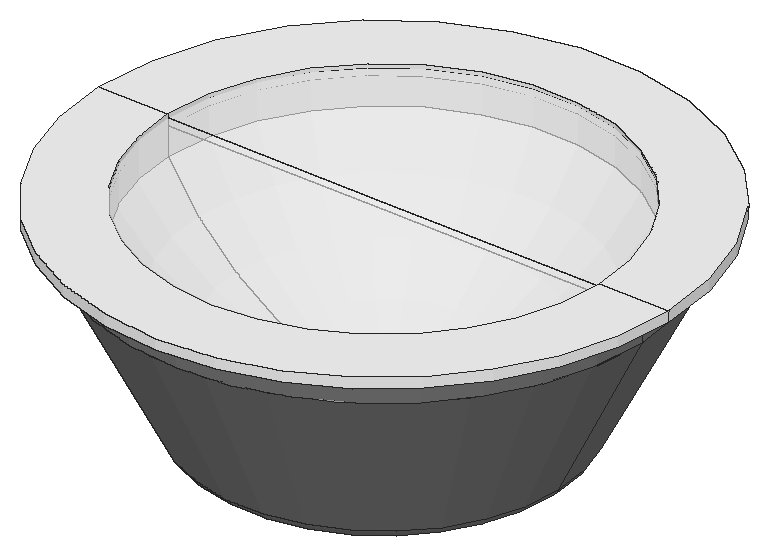
Revit family "30518", category Lighting Fixtures, host Face, Revit 2018
Family settings
  Host = Face
  Round Connector Dimension = Use Diameter
  Part Type = Normal
  OmniClass Number = 23.80.70.00
  OmniClass Title = Lighting
  Cut with Voids When Loaded = No
  Light Source = Yes
  Shared = No
  Room Calculation Point = No
Parameters (values of type "0030518 INSAVER SLIM U19 IP44 175 1150LM 830 PIR")
  WidthBezel_SYL = if(Size1_SYL, 20 mm, if(Size2_SYL, 20 mm, if(Size3PIR_SYL, 30 mm, if(Size4_SYL, 20 mm, 20 mm))))  # 20 mm
  Weight = "n/a"
  Wattage Comments = ""
  Wattage = 12 W
  WarrantyStartDate [instance] = "n/a"
  WarrantyGuarantorParts = "n/a"
  WarrantyDurationUnit = "n/a"
  WarrantyDurationParts = ""
  WarrantyDescription = "http://www.sylvania-lighting.com"
  built-in parameter 1150110 = 1 (stored number, unit not read)
  Voltage = 230 V
  VisibilityPIR_SYL = Size3PIR_SYL  # no
  URL = "0.9"
  TypeName = "Insaver Slim UGR19 IP44 175 1150lm 830 PIR"
  Type Image = <None>
  Type Comments = "n/a"
  built-in parameter 1114217 = 1 (stored number, unit not read)
  Tilt Angle = -90.00°
  built-in parameter 1150109 = 1 (stored number, unit not read)
  built-in parameter 1150134 = (empty or 0)
  built-in parameter 1150113 = 1 (stored number, unit not read)
  Size4_SYL = no
  Size3PIR_SYL = no
  Size2_SYL = no
  Size1_SYL = yes
  SerialNumber [instance] = "n/a"
  RadiusTop_SYL = 6 mm
  RadiusReflector_SYL = if(Size1_SYL, 85 mm, if(Size2_SYL, 85 mm, if(Size3PIR_SYL, 85 mm, if(Size4_SYL, 100 mm, 120 mm))))  # 85 mm
  Photometric Web File = "0030518.IES"
  Material_3_FEILO = Top-Sylvania-STARTDownlight
  PowerFactor = 0.9
  PowerConsumption = "Lighting"
  NominalLength = 165 mm
  NominalHeight = 50 mm
  NominalDepth = 165 mm
  Name = "Insaver Slim UGR19 IP44 175 1150lm 830 PIR"
  ModelReference = Name  # "Insaver Slim UGR19 IP44 175 1150lm 830 PIR"
  ModelNumber = "0030518"
  Model = Name  # "Insaver Slim UGR19 IP44 175 1150lm 830 PIR"
  Material = "Feilo Sylvania"
  ManufacturerName = "121 lm/W"
  Manufacturer = ""
  LuminousEfficacy = ""
  built-in parameter 1150105 = 31.446 (stored number, unit not read)
  Lumens = 395.16 lm
  LuminaireType = "0"
  built-in parameter 1150115 = 1 (stored number, unit not read)
  LightOutputRatio = "LED"
  built-in parameter 1150137 = (empty or 0)
  built-in parameter 1150139 = (empty or 0)
  LampsType = Lamp  # "n/a"
  LampNominalLuminous = "3000 K"
  LampMacAdamStep = "80"
  LampColourTemperature = "LED"
  LampColourRenderingIndex = "16500"
  built-in parameter 1150112 = 1 (stored number, unit not read)
  built-in parameter 1150114 = 1 (stored number, unit not read)
  Lamp = "n/a"
  Keynote = "n/a"
  InstallationDate [instance] = "n/a"
  InputVoltage = "0"
  InputNominalFrequency = "3000"
  built-in parameter 1150132 = (empty or 0)
  built-in parameter 1150102 = (empty or 0)
  built-in parameter 1150107 = 3000 (stored number, unit not read)
  built-in parameter 1150138 = (empty or 0)
  IngressProtection = "IfcLightFixtureType"
  ImpactProtectionIndex = "IfcLightFixtureType"
  built-in parameter 1150106 = 0.31446 (stored number, unit not read)
  IfcExportType = "IfcLightFixtureType"
  IfcExportAs = "Class II"
  Height_SYL = if(Size1_SYL, 61 mm, if(Size2_SYL, 61 mm, if(Size3PIR_SYL, 61 mm, if(Size4_SYL, 61 mm, 60 mm))))  # 61 mm
  HeightBezel_SYL = if(Size1_SYL, 3 mm, if(Size2_SYL, 3 mm, if(Size3PIR_SYL, 3 mm, if(Size4_SYL, 3.2 mm, 3 mm))))  # 3 mm
  ExpectedLife = 50000
  Emit from Circle Diameter = Diameter_SYL - 40 mm  # 125 mm
  Emit Shape Visible in Rendering = no
  ElectricShockClassification = "121"
  built-in parameter 1150104 = 3.0593 (stored number, unit not read)
  DurationUnit = "hours"
  DocumentationLiterature = "http://www.sylvania-lighting.com/product/en-int/products/0030518"
  DimmingControlOptions = "n/a"
  Material_2_FEILO = Diffuser-Sylvania-STARTDownlight
  Dimming Lamp Color Temperature Shift = <None>
  Diameter_SYL = if(Size1_SYL, 165 mm, if(Size2_SYL, 190 mm, if(Size3PIR_SYL, 211 mm, if(Size4_SYL, 220 mm, 240 mm))))  # 165 mm
  DiameterTop_SYL = if(Size1_SYL, 98 mm, if(Size2_SYL, 122 mm, if(Size3PIR_SYL, 120 mm, if(Size4_SYL, 135 mm, 158 mm))))  # 98 mm
  DiameterTopBase_SYL = DiameterRecess_SYL  # 150 mm
  DiameterRecess_SYL = if(Size1_SYL, 150 mm, if(Size2_SYL, 170 mm, if(Size3PIR_SYL, 186 mm, if(Size4_SYL, 200 mm, 225 mm))))  # 150 mm
  Description = "Insaver Slim is a ceiling recessed LED downlight (IP44 from the front),with integrated PIR sensor with time ( up to 8 mins ) and daylight lux level settings. Die-cast aluminium body, loop in loop out connector for quick installation, Non dimmable LED driver, 9.5W; 1150lm; 121lm/W; 3000K; UGR <19 with shallow product depth 50mm. Meets TP(a) requirements."
  Default Elevation = 1219.2 mm
  CreatedOn = "05/03/2024"
  CreatedBy = "@sylvania-lighting.com"
  Cost = 0
  Color Filter = 16777215
  built-in parameter 1114216 [instance] = (empty or 0)
  ClassificationValue = "EF_70_80"
  ClassificationName = "Uniclass2015"
  Material_1_FEILO = Trim-Sylvania-STARTDownlight-White
  BarCode [instance] = "n/a"
  built-in parameter 1114218 = 1 (stored number, unit not read)
  built-in parameter 1150133 = 10 (stored number, unit not read)
  AssetType = "Fixed"
  AssetIdentifier [instance] = "n/a"
  Assembly Code = "D5020200"
  Apparent Load = 9.5 VA
  Material_4_FEILO = LED-Sylvania-STARTDownlight
Reference planes
  plane 1 "Center (Front/Back)": y = 0
  plane 2: z = 0
  plane 3 "Center (Left/Right)": x = 0
  plane 4: x = 82.5
  plane 5: x = -82.5
  plane 6: z = 3
  plane 7: z = -8
  plane 8: z = -58
  plane 9: x = -75
  plane 10: x = 75
  plane 11: x = -49
  plane 12: x = 49
  plane 13: z = -85
  plane 14: x = -62.5
  plane 15: z = 2
  plane 16: z = -46
  plane 17: x = -16
  plane 18: x = -67.5
  plane 19: x = -81.5
  plane 20: x = -99.5
  plane 21: x = -76.5
  plane 22: z = 5.5
  plane 23: z = 8.7
  plane 24: x = -75.5
  plane 25: z = 13.7
Forms (mm)
  Revolve 1, void
    sketch origin (0, 0, 0) x (1, 0, 0) y (0, 0, 1)
      loop
        line (0, 0) -> (-75, 0) -> (-75, -85) -> (0, -85) -> (0, 0)
      axis (0, 0) -> (0, -85)
    angle from 360 to 0
  Revolve 2, solid, material "Trim-Sylvania-STARTDownlight-White" <- "Material_1_FEILO"
    sketch origin (0, 0, 0) x (1, 0, 0) y (0, 0, 1)
      loop
        line (-62.5, 3) -> (-82.5, 3) -> (-82.5, 0) -> (-75, 0) -> (-75, -8) -> (-50.681, -54.768)
        arc (-50.681, -54.768) -> (-48.471, -57.129) -> (-45.357, -58) r 6
        line (-45.357, -58) -> (0, -58) -> (0, -46) -> (-16, -46)
        arc (-16, -46) -> (-42.718, -31.243) -> (-62.5, -8) r 85
        line (-62.5, -8) -> (-62.5, 3)
      axis (0, 3) -> (0, -58)
    angle from 360 to 0
  Revolve 3, solid, material "Diffuser-Sylvania-STARTDownlight" <- "Material_2_FEILO"
    sketch origin (0, 0, 0) x (1, 0, 0) y (0, 0, 1)
      loop
        line (-62.5, 0) -> (0, 0) -> (0, 2) -> (-62.5, 2) -> (-62.5, 0)
      axis (0, 2) -> (0, 0)
    angle from 360 to 0
  Revolve 4, solid, material "Trim-Sylvania-STARTDownlight-White" <- "Material_1_FEILO", visible <- "VisibilityPIR_SYL"
    sketch origin (0, 0, 0) x (1, 0, 0) y (0, 0, 1)
      loop
        line (-67.5, 3) -> (-67.5, 13.7)
        arc (-67.5, 13.7) -> (-72.217, 12.347) -> (-75.5, 8.7) r 8.9
        line (-75.5, 8.7) -> (-75.5, 5.5) -> (-76.5, 5.5) -> (-76.5, 3) -> (-67.5, 3)
      axis (-67.5, 13.7) -> (-67.5, 3)
    angle from 360 to 0
Dimensions and locks
  equal spacing: plane 4, plane 3 "Center (Left/Right)", plane 5
  "Diameter_SYL": plane 4 to plane 5
  equal spacing: plane 10, plane 3 "Center (Left/Right)", plane 9
  equal spacing: plane 12, plane 3 "Center (Left/Right)", plane 11
  "DiameterTop_SYL": plane 12 to plane 11
  "HeightBezel_SYL": plane 6 to plane 2
  "Height_SYL": plane 6 to plane 8
  locked: plane 2 to plane 7 at 8
  locked: plane 2 to plane 13 at 85
  "WidthBezel_SYL": plane 14 to plane 5
  locked: plane 6 to plane 15 at 1
  "DiameterRecess_SYL": plane 10 to plane 9
  locked: plane 3 "Center (Left/Right)" to plane 17 at 16
  locked: plane 16 to plane 8 at 12
  locked: plane 18 to plane 21 at 9
  locked: plane 22 to plane 6 at 2.5
  locked: plane 23 to plane 22 at 3.2
  locked: plane 18 to plane 24 at 8
  locked: plane 25 to plane 23 at 5
  locked: plane 25 to Revolve 4 sketch curve at 8.9
  locked: plane 18 to plane 5 at 15
  "RadiusReflector_SYL": radius of Revolve 2 sketch curve
  "RadiusTop_SYL": radius of Revolve 2 sketch curve
  aligned and locked: plane 2 to host face
  aligned and locked: level to host face
  aligned and locked: Revolve 1 sketch curve to plane 3 "Center (Left/Right)"
  aligned and locked: plane 3 "Center (Left/Right)" to Revolve 1 sketch curve
  aligned and locked: Revolve 1 sketch curve to plane 9
  aligned and locked: plane 13 to Revolve 1 sketch curve
  aligned and locked: plane 3 "Center (Left/Right)" to imposter light
  aligned and locked: imposter light to plane 15
  aligned and locked: imposter light to plane 1 "Center (Front/Back)"
  aligned and locked: Revolve 2 sketch curve to plane 3 "Center (Left/Right)"
  aligned and locked: Revolve 2 sketch curve to plane 6
  aligned and locked: Revolve 2 sketch curve to plane 5
  aligned and locked: Revolve 2 sketch curve to level
  aligned and locked: plane 7 to Revolve 2 sketch curve  (x2)
  aligned and locked: Revolve 2 sketch curve to plane 9
  aligned and locked: plane 8 to Revolve 2 sketch curve
  aligned and locked: Revolve 2 sketch curve to plane 14
  aligned and locked: plane 3 "Center (Left/Right)" to Revolve 2 sketch curve
  aligned and locked: Revolve 2 sketch curve to plane 16
  aligned and locked: Revolve 3 sketch curve to plane 3 "Center (Left/Right)"
  aligned and locked: Revolve 3 sketch curve to level
  aligned and locked: imposter light to Revolve 3 sketch curve  (x2)
  aligned and locked: Revolve 4 sketch curve to plane 18  (x2)
  aligned and locked: Revolve 4 sketch curve to plane 6
  aligned and locked: plane 22 to Revolve 4 sketch curve
  aligned and locked: plane 24 to Revolve 4 sketch curve
  aligned and locked: Revolve 4 sketch curve to Revolve 4 sketch curve
  aligned and locked: plane 21 to Revolve 4 sketch curve
Automatic sketch dimensions
  host sketch curve to host sketch curve = 2438.4 mm  (x2)
  plane 13 to Revolve 1 sketch curve = 524.6 mm
  Revolve 1 sketch curve to plane 6 = 2606.058 mm
  Revolve 1 sketch curve to level = 0 mm
  Revolve 2 sketch curve to plane 17 = 0 mm
  Revolve 2 sketch curve to plane 11 = 1.681 mm
  plane 11 to Revolve 2 sketch curve = 3.643 mm
  plane 13 to Revolve 2 sketch curve = 524.6 mm
  Revolve 2 sketch curve to Revolve 2 sketch curve = 2577.983 mm
  Revolve 3 sketch curve to plane 14 = 0 mm
  plane 13 to Revolve 3 sketch curve = 524.6 mm
  Revolve 3 sketch curve to plane 6 = 2606.058 mm
  Revolve 4 sketch curve to plane 23 = 0 mm
  plane 13 to Revolve 4 sketch curve = 524.6 mm
  Revolve 4 sketch curve to Revolve 4 sketch curve = 2595.358 mm
Connectors
  electrical at (0, 0, 0), driven by "Apparent Load", driven by "PowerFactor", driven by "Voltage"
    settings: index 1, voltage 230 V, apparent load 9.5 VA, apparent load phase1 0 VA, apparent load phase2 0 VA, apparent load phase3 0 VA, power factor 0.9, load classification "Lighting", number of poles 1, system type 30, power factor state 1, is connector primary yes, connector utility no, sub classification motor no, connector description ""
